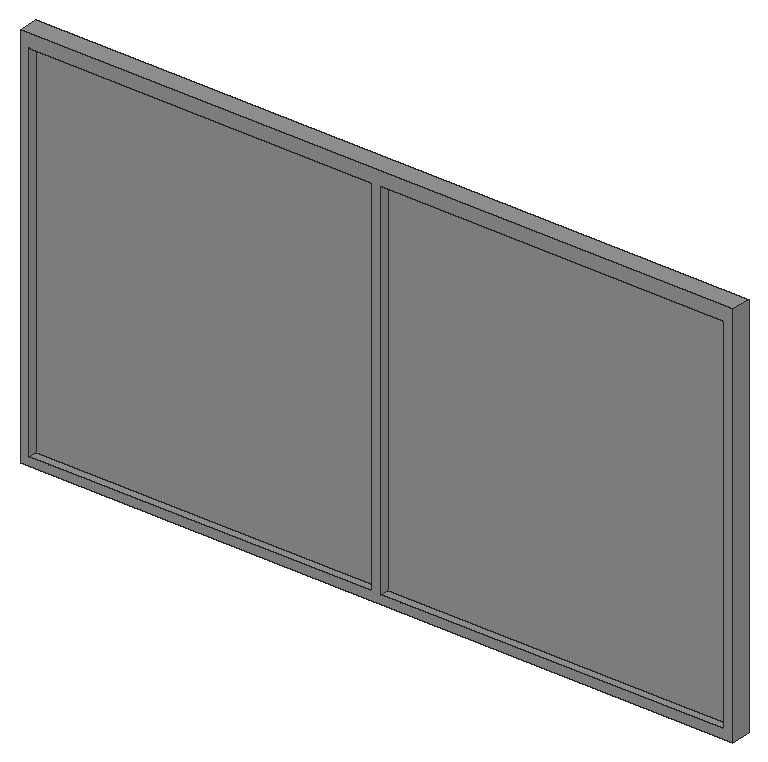
Revit family "Window W5 W6", category Windows, host Wall, Revit 2025
Family settings
  Host = Wall
  OmniClass Number = 23.30.20.00
  OmniClass Title = Windows
  Always vertical = Yes
  Cut with Voids When Loaded = No
  Shared = No
  Room Calculation Point = No
Parameters (values of type "W5")
  Window Width = 0.5"
  Rough Height = 126"
  Height = 83"
  Glass Material = Glass, Clear Glazing, Tempered
  Frame Width = 4.5"
  Frame Size = 2"
  Frame Material = Laminate, Black
  Define Thermal Properties by = Schematic Type
  Default Sill Height = 36"
  Wall Closure = By host
  Width = 161.5"
  Analytic Construction = "<None>"
Types (2): name | Width
  W6 | 146.5"
  W5 | 161.5"
Reference planes (in)
  plane 1 "Center (Front/Back)": y = 0
  plane 2: z = 0
  plane 3 "Center (Left/Right)": x = 0
  plane 4 "Sill": z = 24
  plane 5: y = 2.25
  plane 6: y = -2.25
  plane 7: y = 0.25
  plane 8: y = -0.25
Forms (in)
  Extrusion 1, solid, material "Laminate, Black" <- "Frame Material"
    sketch origin (0, 0, 0) x (1, 0, 0) y (0, 0, 1)
      loop
        line (80.75, 112) -> (-80.75, 112) -> (-80.75, 24) -> (80.75, 24) -> (80.75, 112)
      loop
        line (78.75, 109) -> (1, 109) -> (1, 26) -> (78.75, 26) -> (78.75, 109)
      loop
        line (-78.75, 109) -> (-78.75, 26) -> (-1, 26) -> (-1, 109) -> (-78.75, 109)
    from -2.25 to 2.25
  Extrusion 2, solid, material "Glass, Clear Glazing, Tempered" <- "Glass Material"
    sketch origin (0, 0, 0) x (1, 0, 0) y (0, 0, 1)
      loop
        line (-78.75, 109) -> (-78.75, 26) -> (-1, 26) -> (-1, 109) -> (-78.75, 109)
      loop
        line (1, 26) -> (78.75, 26) -> (78.75, 109) -> (1, 109) -> (1, 26)
    from -0.25 to 0.25
Lines and regions (in)
  Opening 1
    outline origin (-60, -7, 0) x (1, 0, 0) y (0, 0, 1)
      loop
        line (-20.75, 112) -> (-20.75, 24) -> (140.75, 24) -> (140.75, 112) -> (-20.75, 112)
Text (in)
  text "EXTERIOR" at (-58.6888, 50.90694, 0), in view "Ref. Level"
  text "INTERIOR" at (-58.6888, -37.76638, 0), in view "Ref. Level"
  text "Exterior" at (0, 43.65631, 123.19604), in view "Left"
  text "Exterior" at (0, 18.29385, 125.04747), in view "Right"
Dimensions and locks (in)
  equal spacing: Opening 1 sketch curve, plane 3 "Center (Left/Right)", Opening 1 sketch curve
  equal spacing: Extrusion 1 sketch curve, plane 3 "Center (Left/Right)", Extrusion 1 sketch curve  (x3)
  "Width": Extrusion 1 sketch curve to Extrusion 1 sketch curve
  equal spacing: host wall, plane 1 "Center (Front/Back)", host wall
  equal spacing: plane 6, plane 1 "Center (Front/Back)", plane 5
  "Frame Width": plane 5 to plane 6
  equal spacing: plane 7, plane 1 "Center (Front/Back)", plane 8
  "Window Width": plane 7 to plane 8
  "Frame Size": Extrusion 1 sketch curve to Extrusion 1 sketch curve  (x2)
  "Height": Extrusion 1 sketch curve to Extrusion 1 sketch curve
  aligned and locked: level to plane 2
  aligned and locked: Extrusion 1 sketch curve to Extrusion 1 sketch curve
  aligned and locked: Extrusion 1 to plane 6
  aligned and locked: plane 5 to Extrusion 1
  aligned and locked: Opening 1 sketch curve to Extrusion 1  (x2)
  aligned and locked: plane 7 to Extrusion 2
  aligned and locked: Extrusion 2 to plane 8
  aligned and locked: Extrusion 2 sketch curve to Extrusion 1  (x6)
  aligned and locked: Extrusion 1 sketch curve to plane 4 "Sill"
Automatic sketch dimensions
  Extrusion 2 sketch curve to plane 3 "Center (Left/Right)" = 1"
  plane 3 "Center (Left/Right)" to Extrusion 2 sketch curve = 1"
  Opening 1 sketch curve to plane 4 "Sill" = 88"
  Extrusion 1 sketch curve to Extrusion 1 sketch curve = 2"
  Extrusion 1 sketch curve to plane 4 "Sill" = 2"
  Extrusion 1 sketch curve to Extrusion 1 sketch curve = 3"
